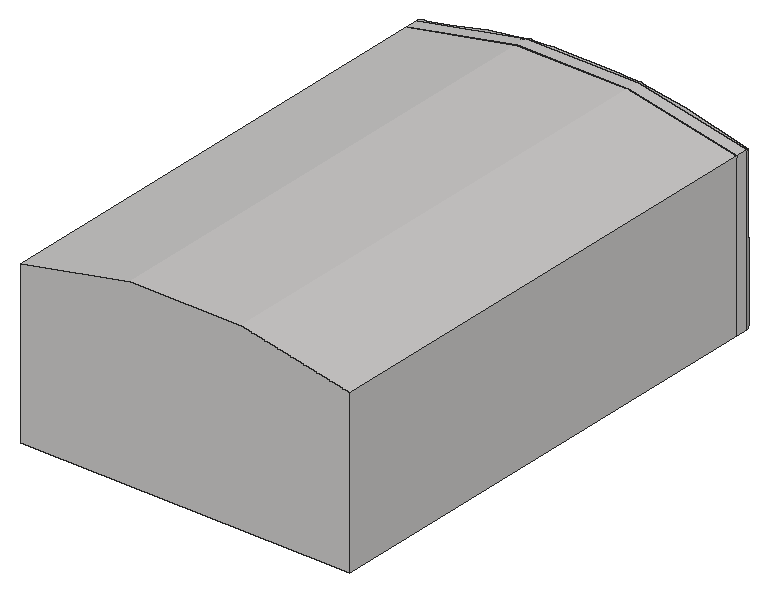
Revit family
Parameters (values of type "B-277")
  offset [instance] = 0' - 0"
  Warranty Duration (Years) = 0
  Unit Width = 1' - 3 1/8"
  Unit Height = 1' - 11"
  Unit Depth = 0' - 8 1/2"
  URL = "http://www.bobrick.com/Pages/default.aspx"
  Specification = ""
  SpecWizard = ""
  Send Message = "http://www.arcat.com/users.pl?action=UserEmail&company=Bobrick+Washroom+Equipment,+Inc.&coid=30988&rep=156&fax=818-503-1930&mf="
  Sales Information = "http://www.bobrick.com/Pages/ContactUs.aspx"
  Revision = "R1_10-2012"
  Product Properties = ""
  Product Data = "http://arcat.com/arcatcos/cos30/arc30988.html?isac=1&r=1"
  Mounting Height [instance] = 2' - 6"
  Model = "B-277"
  Manufacturer Website = "http://www.bobrick.com/Pages/default.aspx"
  Manufacturer Phone - Toll Free = ""
  Manufacturer Phone = "818-764-1000"
  Manufacturer Fax = "818-503-1930"
  Manufacturer Address = "11611 Hart St. North Hollywood, CA 91605-5882"
  Manufacturer = "Bobrick Washroom Equipment, Inc."
  Maintenance Schedule (Months) = 0
  Keynote = "102813"
  Installation-Fabrication = "http://www.bobrick.com/washroomaccessories/Pages/WashroomAccessories.aspx"
  Installation Phase = ""
  Green Building-LEED = ""
  Finish Material = Stainless Steel - Bobrick - Satin
  Expected Lifespan (Years) = 0
  Drawn By = "Sumex Design, Inc. / Robert S. Weygant, CSI, CDT, SCIP"
  Description = "Bobrick B-277 Contura Series Surface Mounted Waste Receptacle"
  Default Elevation = 4' - 0"
  Copyright = "©Arcat Inc."
  Construction Details = ""
  Capacity = "12.75 gal Waste"
  Assembly Code = "E1090900"
Reference planes
  plane 1 "Center (Front/Back)": y = -746.645
  plane 2 "Bottom": z = 0
  plane 3 "Center (Left/Right)": x = 0
  plane 4 "Front": y = -1038.745
  plane 5 "Back": y = -454.545
  plane 6 "Left": x = -192.087
  plane 7 "Right": x = 192.088
  plane 8 "Top": z = 215.9
  plane 9 "FF": y = -1216.545
Forms (mm)
  Extrusion 1, solid, material "Stainless Steel - Bobrick - Satin" <- "Finish Material"
    sketch origin (0, -746.645, 0) x (1, 0, 0) y (0, 0, 1)
      loop
        line (-192.087, 187.325) -> (-192.087, 0) -> (192.087, 0) -> (192.087, 187.325)
        arc (192.087, 187.325) -> (0, 215.9) -> (-192.087, 187.325) r 659.915
    from -271.463 to 292.1
  Extrusion 2, solid, material "Stainless Steel - Bobrick - Satin" <- "Finish Material"
    sketch origin (0, -746.645, 0) x (1, 0, 0) y (0, 0, 1)
      loop
        arc (192.087, 187.325) -> (0, 215.9) -> (-192.087, 187.325) r 659.915
        line (-192.087, 187.325) -> (-192.087, 0) -> (192.087, 0) -> (192.087, 187.325)
    from -271.463 to -292.1
  Sweep 3, void
    path origin (0, -746.645, 0) x (1, 0, 0) y (0, 0, 1)
      loop
        line (-192.087, 187.325) -> (-192.087, 0) -> (192.087, 0) -> (192.087, 187.325)
        arc (192.087, 187.325) -> (0, 215.9) -> (-192.087, 187.325) r 659.915
    profile origin (-192.087, -746.645, 93.662) x (0, -1, 0) y (1, 0, 0)
      loop
        arc (-285.75, 0) -> (-290.24, 1.86) -> (-292.1, 6.35) r 6.35
        line (-292.1, 6.35) -> (-294.053, 6.35) -> (-294.053, -1.495) -> (-285.75, -1.495) -> (-285.75, 0)
  Extrusion 4, void
    sketch origin (-303.332, -1038.745, 1219.2) x (1, 0, 0) y (0, 0, 1)
      loop
        line (114.42, -1034.232) -> (114.42, -1216.025) -> (492.245, -1216.025) -> (492.245, -1034.232)
        arc (492.245, -1034.232) -> (303.332, -1006.475) -> (114.42, -1034.232) r 656.74
    from -6.35 to -584.2
Cuts and joins
  Sweep 3, Extrusion 4 cuts Extrusion 2
  Extrusion 4 cuts Extrusion 1
Dimensions and locks
  equal spacing: plane 6 "Left", plane 3 "Center (Left/Right)", plane 7 "Right"
  "Unit Width": plane 6 "Left" to plane 7 "Right"
  equal spacing: plane 5 "Back", plane 1 "Center (Front/Back)", plane 4 "Front"
  "Unit Height": plane 5 "Back" to plane 4 "Front"
  "Unit Depth": plane 8 "Top" to level
  "Mounting Height": plane 5 "Back" to plane 9 "FF"
Automatic sketch dimensions
  Extrusion 1 sketch curve to level = 0' - 0"
  Extrusion 1 sketch curve to plane 3 "Center (Left/Right)" = 0' - 0"
  plane 6 "Left" to Extrusion 1 sketch curve = 0' - 0"
  Extrusion 1 sketch curve to plane 7 "Right" = 0' - 0"
  Extrusion 2 sketch curve to level = 0' - 0"
  Extrusion 2 sketch curve to plane 3 "Center (Left/Right)" = 0' - 0"
  plane 6 "Left" to Extrusion 2 sketch curve = 0' - 0"
  Extrusion 2 sketch curve to plane 7 "Right" = 0' - 0"
  Sweep 3 sketch curve to plane 3 "Center (Left/Right)" = 0' - 0"
  Sweep 3 sketch curve to level = 0' - 0"
  plane 6 "Left" to Sweep 3 sketch curve = 0' - 0"
  Sweep 3 sketch curve to plane 7 "Right" = 0' - 0"
  Sweep 3 sketch curve to level = 1' - 5.4809"
  Sweep 3 sketch curve to plane 8 "Top" = 0' - 1 1/8"
  Sweep 3 sketch curve to profile plane = 0' - 0"
  profile plane to Sweep 3 sketch curve = 0' - 0.05885"
  Sweep 3 sketch curve to plane 1 "Center (Front/Back)" = 0' - 11.57687"
  Sweep 3 sketch curve to Sweep 3 sketch curve = 0' - 0.07687"
  Sweep 3 sketch curve to Sweep 3 sketch curve = 0' - 0.32687"
  Extrusion 1 sketch curve to level = 1' - 5.4809"
  Extrusion 1 sketch curve to plane 8 "Top" = 0' - 1 1/8"
  Extrusion 2 sketch curve to level = 1' - 5.4809"
  Extrusion 2 sketch curve to plane 8 "Top" = 0' - 1 1/8"
  Extrusion 4 sketch curve to plane 3 "Center (Left/Right)" = 0' - 0"
  Extrusion 4 sketch curve to plane 7 "Right" = 0' - 0 1/8"
  plane 6 "Left" to Extrusion 4 sketch curve = 0' - 0 1/8"
  Extrusion 4 sketch curve to level = 1' - 5.4809"
  level to Extrusion 4 sketch curve = 0' - 0 1/8"
  Extrusion 4 sketch curve to plane 8 "Top" = 0' - 1.2178"
